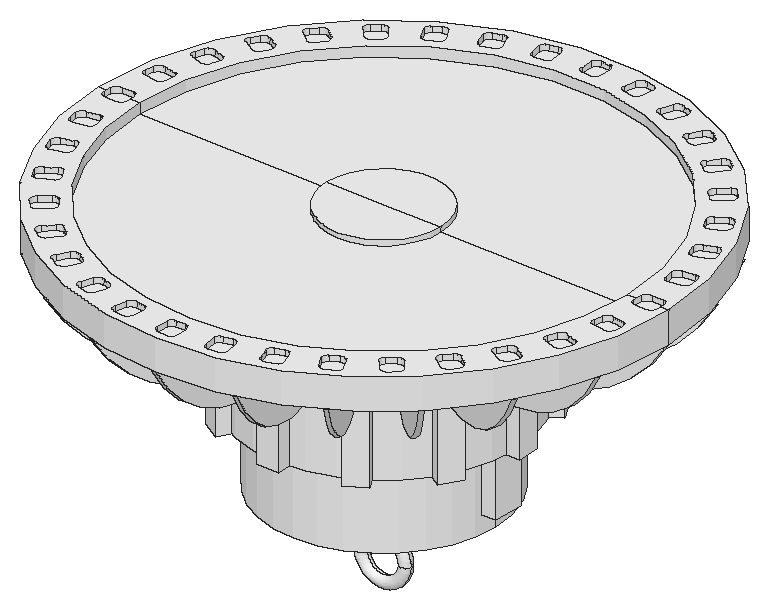
Revit family "CRB", category Lighting Fixtures, host Face, Revit 2014 (continued)
Definition of nested family "LX"
  Forms (in)
    Extrusion 8, solid, material "Paint - Hubbell - White" <- "Housing Material"
      sketch origin (1.93484, -7.26381, 0) x (-0.258819, 0.965926, 0) y (0, 0, 1)
        loop
          arc (5.4141, 7.29) -> (3.9671, 7.41595) -> (2.56362, 7.79) r 8.37521
          line (2.56362, 7.79) -> (1.62124, 7.79)
          arc (1.62124, 7.79) -> (3.272, 6.27813) -> (5.49624, 6.0261) r 3.61991
          line (5.49624, 6.0261) -> (5.49624, 7.29)
      from -0.1 to 0
    Extrusion 9, solid, material "Paint - Hubbell - White" <- "Housing Material"
      sketch origin (3.74893, -6.51553, 0) x (-0.5, 0.866025, 0) y (0, 0, 1)
        loop
          line (5.49624, 7.29) -> (5.4141, 7.29)
          arc (5.4141, 7.29) -> (3.9671, 7.41595) -> (2.56362, 7.79) r 8.37521
          line (2.56362, 7.79) -> (1.62124, 7.79)
          arc (1.62124, 7.79) -> (3.272, 6.27813) -> (5.49624, 6.0261) r 3.61991
          line (5.49624, 6.0261) -> (5.49624, 7.29)
      from -0.1 to 0
    Extrusion 10, solid, material "Paint - Hubbell - White" <- "Housing Material"
      sketch origin (5.30753, -5.32323, 0) x (-0.707107, 0.707107, 0) y (0, 0, 1)
        loop
          line (5.49624, 7.29) -> (5.4141, 7.29)
          arc (5.4141, 7.29) -> (3.9671, 7.41595) -> (2.56362, 7.79) r 8.37521
          line (2.56362, 7.79) -> (1.62124, 7.79)
          arc (1.62124, 7.79) -> (3.272, 6.27813) -> (5.49624, 6.0261) r 3.61991
          line (5.49624, 6.0261) -> (5.49624, 7.29)
      from -0.1 to 0
    Extrusion 11, solid, material "Paint - Hubbell - White" <- "Housing Material"
      sketch origin (6.50443, -3.76815, 0) x (-0.866025, 0.5, 0) y (0, 0, 1)
        loop
          line (5.49624, 7.29) -> (5.4141, 7.29)
          arc (5.4141, 7.29) -> (3.9671, 7.41595) -> (2.56362, 7.79) r 8.37521
          line (2.56362, 7.79) -> (1.62124, 7.79)
          arc (1.62124, 7.79) -> (3.272, 6.27813) -> (5.49624, 6.0261) r 3.61991
          line (5.49624, 6.0261) -> (5.49624, 7.29)
      from -0.1 to 0
    Extrusion 12, solid, material "Paint - Hubbell - White" <- "Housing Material"
      sketch origin (7.25807, -1.95628, 0) x (-0.965926, 0.258819, 0) y (0, 0, 1)
        loop
          line (5.49624, 7.29) -> (5.4141, 7.29)
          arc (5.4141, 7.29) -> (3.9671, 7.41595) -> (2.56362, 7.79) r 8.37521
          line (2.56362, 7.79) -> (1.62124, 7.79)
          arc (1.62124, 7.79) -> (3.272, 6.27813) -> (5.49624, 6.0261) r 3.61991
          line (5.49624, 6.0261) -> (5.49624, 7.29)
      from -0.1 to 0
    Extrusion 13, solid, material "Paint - Hubbell - White" <- "Housing Material"
      sketch origin (7.51708, -0.0111, 0) x (-1, 0, 0) y (0, 0, 1)
        loop
          line (5.49624, 7.29) -> (5.4141, 7.29)
          arc (5.4141, 7.29) -> (3.9671, 7.41595) -> (2.56362, 7.79) r 8.37521
          line (2.56362, 7.79) -> (1.62124, 7.79)
          arc (1.62124, 7.79) -> (3.272, 6.27813) -> (5.49624, 6.0261) r 3.61991
          line (5.49624, 6.0261) -> (5.49624, 7.29)
      from -0.1 to 0
    Extrusion 14, solid, material "Paint - Hubbell - White" <- "Housing Material"
      sketch origin (-1.93484, -7.26381, 0) x (0.258819, 0.965926, 0) y (0, 0, -1)
        loop
          line (5.49624, -7.29) -> (5.49624, -6.0261)
          arc (5.49624, -6.0261) -> (3.272, -6.27813) -> (1.62124, -7.79) r 3.61991
          line (1.62124, -7.79) -> (2.56362, -7.79)
          arc (2.56362, -7.79) -> (3.9671, -7.41595) -> (5.4141, -7.29) r 8.37521
          line (5.4141, -7.29) -> (5.49624, -7.29)
      from -0.1 to 0
    Extrusion 15, solid, material "Paint - Hubbell - White" <- "Housing Material"
      sketch origin (-3.74893, -6.51553, 0) x (0.5, 0.866025, 0) y (0, 0, -1)
        loop
          line (5.49624, -7.29) -> (5.49624, -6.0261)
          arc (5.49624, -6.0261) -> (3.272, -6.27813) -> (1.62124, -7.79) r 3.61991
          line (1.62124, -7.79) -> (2.56362, -7.79)
          arc (2.56362, -7.79) -> (3.9671, -7.41595) -> (5.4141, -7.29) r 8.37521
          line (5.4141, -7.29) -> (5.49624, -7.29)
      from -0.1 to 0
    Extrusion 16, solid, material "Paint - Hubbell - White" <- "Housing Material"
      sketch origin (-5.30753, -5.32323, 0) x (0.707107, 0.707107, 0) y (0, 0, -1)
        loop
          line (5.49624, -7.29) -> (5.49624, -6.0261)
          arc (5.49624, -6.0261) -> (3.272, -6.27813) -> (1.62124, -7.79) r 3.61991
          line (1.62124, -7.79) -> (2.56362, -7.79)
          arc (2.56362, -7.79) -> (3.9671, -7.41595) -> (5.4141, -7.29) r 8.37521
          line (5.4141, -7.29) -> (5.49624, -7.29)
      from -0.1 to 0
    Extrusion 17, solid, material "Paint - Hubbell - White" <- "Housing Material"
      sketch origin (-6.50443, -3.76815, 0) x (0.866025, 0.5, 0) y (0, 0, -1)
        loop
          line (5.49624, -7.29) -> (5.49624, -6.0261)
          arc (5.49624, -6.0261) -> (3.272, -6.27813) -> (1.62124, -7.79) r 3.61991
          line (1.62124, -7.79) -> (2.56362, -7.79)
          arc (2.56362, -7.79) -> (3.9671, -7.41595) -> (5.4141, -7.29) r 8.37521
          line (5.4141, -7.29) -> (5.49624, -7.29)
      from -0.1 to 0
    Extrusion 18, solid, material "Paint - Hubbell - White" <- "Housing Material"
      sketch origin (-7.25807, -1.95628, 0) x (0.965926, 0.258819, 0) y (0, 0, -1)
        loop
          line (5.49624, -7.29) -> (5.49624, -6.0261)
          arc (5.49624, -6.0261) -> (3.272, -6.27813) -> (1.62124, -7.79) r 3.61991
          line (1.62124, -7.79) -> (2.56362, -7.79)
          arc (2.56362, -7.79) -> (3.9671, -7.41595) -> (5.4141, -7.29) r 8.37521
          line (5.4141, -7.29) -> (5.49624, -7.29)
      from -0.1 to 0
    Extrusion 19, solid, material "Paint - Hubbell - White" <- "Housing Material"
      sketch origin (-7.51708, -0.0111, 0) x (1, 0, 0) y (0, 0, -1)
        loop
          line (5.49624, -7.29) -> (5.49624, -6.0261)
          arc (5.49624, -6.0261) -> (3.272, -6.27813) -> (1.62124, -7.79) r 3.61991
          line (1.62124, -7.79) -> (2.56362, -7.79)
          arc (2.56362, -7.79) -> (3.9671, -7.41595) -> (5.4141, -7.29) r 8.37521
          line (5.4141, -7.29) -> (5.49624, -7.29)
      from -0.1 to 0
    Extrusion 20, solid, material "Paint - Hubbell - White" <- "Housing Material"
      sketch origin (-0.0111, 7.51708, 0) x (0, -1, 0) y (0, 0, -1)
        loop
          line (5.49624, -7.29) -> (5.49624, -6.0261)
          arc (5.49624, -6.0261) -> (3.272, -6.27813) -> (1.62124, -7.79) r 3.61991
          line (1.62124, -7.79) -> (2.56362, -7.79)
          arc (2.56362, -7.79) -> (3.9671, -7.41595) -> (5.4141, -7.29) r 8.37521
          line (5.4141, -7.29) -> (5.49624, -7.29)
      from -0.1 to 0
    Extrusion 21, solid, material "Paint - Hubbell - White" <- "Housing Material"
      sketch origin (1.93484, 7.26381, 0) x (-0.258819, -0.965926, 0) y (0, 0, -1)
        loop
          line (5.49624, -7.29) -> (5.49624, -6.0261)
          arc (5.49624, -6.0261) -> (3.272, -6.27813) -> (1.62124, -7.79) r 3.61991
          line (1.62124, -7.79) -> (2.56362, -7.79)
          arc (2.56362, -7.79) -> (3.9671, -7.41595) -> (5.4141, -7.29) r 8.37521
          line (5.4141, -7.29) -> (5.49624, -7.29)
      from -0.1 to 0
    Extrusion 22, solid, material "Paint - Hubbell - White" <- "Housing Material"
      sketch origin (3.74893, 6.51553, 0) x (-0.5, -0.866025, 0) y (0, 0, -1)
        loop
          line (5.49624, -7.29) -> (5.49624, -6.0261)
          arc (5.49624, -6.0261) -> (3.272, -6.27813) -> (1.62124, -7.79) r 3.61991
          line (1.62124, -7.79) -> (2.56362, -7.79)
          arc (2.56362, -7.79) -> (3.9671, -7.41595) -> (5.4141, -7.29) r 8.37521
          line (5.4141, -7.29) -> (5.49624, -7.29)
      from -0.1 to 0
    Extrusion 23, solid, material "Paint - Hubbell - White" <- "Housing Material"
      sketch origin (5.30753, 5.32323, 0) x (-0.707107, -0.707107, 0) y (0, 0, -1)
        loop
          line (5.49624, -7.29) -> (5.49624, -6.0261)
          arc (5.49624, -6.0261) -> (3.272, -6.27813) -> (1.62124, -7.79) r 3.61991
          line (1.62124, -7.79) -> (2.56362, -7.79)
          arc (2.56362, -7.79) -> (3.9671, -7.41595) -> (5.4141, -7.29) r 8.37521
          line (5.4141, -7.29) -> (5.49624, -7.29)
      from -0.1 to 0
    Extrusion 24, solid, material "Paint - Hubbell - White" <- "Housing Material"
      sketch origin (6.50443, 3.76815, 0) x (-0.866025, -0.5, 0) y (0, 0, -1)
        loop
          line (5.49624, -7.29) -> (5.49624, -6.0261)
          arc (5.49624, -6.0261) -> (3.272, -6.27813) -> (1.62124, -7.79) r 3.61991
          line (1.62124, -7.79) -> (2.56362, -7.79)
          arc (2.56362, -7.79) -> (3.9671, -7.41595) -> (5.4141, -7.29) r 8.37521
          line (5.4141, -7.29) -> (5.49624, -7.29)
      from -0.1 to 0
    Extrusion 25, solid, material "Paint - Hubbell - White" <- "Housing Material"
      sketch origin (7.25807, 1.95628, 0) x (-0.965926, -0.258819, 0) y (0, 0, -1)
        loop
          line (5.49624, -7.29) -> (5.49624, -6.0261)
          arc (5.49624, -6.0261) -> (3.272, -6.27813) -> (1.62124, -7.79) r 3.61991
          line (1.62124, -7.79) -> (2.56362, -7.79)
          arc (2.56362, -7.79) -> (3.9671, -7.41595) -> (5.4141, -7.29) r 8.37521
          line (5.4141, -7.29) -> (5.49624, -7.29)
      from -0.1 to 0
    Extrusion 26, solid, material "Paint - Hubbell - White" <- "Housing Material"
      sketch origin (-1.93484, 7.26381, 0) x (0.258819, -0.965926, 0) y (0, 0, 1)
        loop
          line (5.49624, 7.29) -> (5.4141, 7.29)
          arc (5.4141, 7.29) -> (3.9671, 7.41595) -> (2.56362, 7.79) r 8.37521
          line (2.56362, 7.79) -> (1.62124, 7.79)
          arc (1.62124, 7.79) -> (3.272, 6.27813) -> (5.49624, 6.0261) r 3.61991
          line (5.49624, 6.0261) -> (5.49624, 7.29)
      from -0.1 to 0
    Extrusion 27, solid, material "Paint - Hubbell - White" <- "Housing Material"
      sketch origin (-3.74893, 6.51553, 0) x (0.5, -0.866025, 0) y (0, 0, 1)
        loop
          line (5.49624, 7.29) -> (5.4141, 7.29)
          arc (5.4141, 7.29) -> (3.9671, 7.41595) -> (2.56362, 7.79) r 8.37521
          line (2.56362, 7.79) -> (1.62124, 7.79)
          arc (1.62124, 7.79) -> (3.272, 6.27813) -> (5.49624, 6.0261) r 3.61991
          line (5.49624, 6.0261) -> (5.49624, 7.29)
      from -0.1 to 0
    Extrusion 28, solid, material "Paint - Hubbell - White" <- "Housing Material"
      sketch origin (-5.30753, 5.32323, 0) x (0.707107, -0.707107, 0) y (0, 0, 1)
        loop
          line (5.49624, 7.29) -> (5.4141, 7.29)
          arc (5.4141, 7.29) -> (3.9671, 7.41595) -> (2.56362, 7.79) r 8.37521
          line (2.56362, 7.79) -> (1.62124, 7.79)
          arc (1.62124, 7.79) -> (3.272, 6.27813) -> (5.49624, 6.0261) r 3.61991
          line (5.49624, 6.0261) -> (5.49624, 7.29)
      from -0.1 to 0
    Extrusion 29, solid, material "Paint - Hubbell - White" <- "Housing Material"
      sketch origin (-6.50443, 3.76815, 0) x (0.866025, -0.5, 0) y (0, 0, 1)
        loop
          line (5.49624, 7.29) -> (5.4141, 7.29)
          arc (5.4141, 7.29) -> (3.9671, 7.41595) -> (2.56362, 7.79) r 8.37521
          line (2.56362, 7.79) -> (1.62124, 7.79)
          arc (1.62124, 7.79) -> (3.272, 6.27813) -> (5.49624, 6.0261) r 3.61991
          line (5.49624, 6.0261) -> (5.49624, 7.29)
      from -0.1 to 0
    Extrusion 30, solid, material "Paint - Hubbell - White" <- "Housing Material"
      sketch origin (-7.25807, 1.95628, 0) x (0.965926, -0.258819, 0) y (0, 0, 1)
        loop
          line (5.49624, 7.29) -> (5.4141, 7.29)
          arc (5.4141, 7.29) -> (3.9671, 7.41595) -> (2.56362, 7.79) r 8.37521
          line (2.56362, 7.79) -> (1.62124, 7.79)
          arc (1.62124, 7.79) -> (3.272, 6.27813) -> (5.49624, 6.0261) r 3.61991
          line (5.49624, 6.0261) -> (5.49624, 7.29)
      from -0.1 to 0
    Extrusion 31, solid, material "Paint - Hubbell - White" <- "Housing Material"
      sketch origin (-0.0111, 8.59976, 0) x (1, 0, 0) y (0, 1, 0)
        loop
          arc (-0.37032, -6.38596) -> (-0.01952, -6.35557) -> (0.33175, -6.37991) r 2.26575
          line (0.33175, -6.37991) -> (0.33175, -5.98256)
          arc (0.33175, -5.98256) -> (-0.01946, -5.96186) -> (-0.37032, -5.9877) r 2.65945
          line (-0.37032, -5.9877) -> (-0.37032, -6.38596)
      from 4.45782 to 7.79
    Extrusion 32, solid, material "Paint - Hubbell - White" <- "Housing Material"
      sketch origin (4.2862, -7.43796, 0) x (0.866025, 0.5, 0) y (-0.5, 0.866025, 0)
        loop
          line (-0.37032, 6.38596) -> (-0.37032, 5.9877)
          arc (-0.37032, 5.9877) -> (-0.01946, 5.96186) -> (0.33175, 5.98256) r 2.65945
          line (0.33175, 5.98256) -> (0.33175, 6.37991)
          arc (0.33175, 6.37991) -> (-0.01952, 6.35557) -> (-0.37032, 6.38596) r 2.26575
      from 4.45782 to 7.79
    Extrusion 33, solid, material "Paint - Hubbell - White" <- "Housing Material"
      sketch origin (-4.31356, 7.45725, 0) x (0.866025, 0.5, 0) y (-0.5, 0.866025, 0)
        loop
          arc (-0.37032, -6.38596) -> (-0.01952, -6.35557) -> (0.33175, -6.37991) r 2.26575
          line (0.33175, -6.37991) -> (0.33175, -5.98256)
          arc (0.33175, -5.98256) -> (-0.01946, -5.96186) -> (-0.37032, -5.9877) r 2.65945
          line (-0.37032, -5.9877) -> (-0.37032, -6.38596)
      from 4.45782 to 7.79
    Extrusion 34, solid, material "Paint - Hubbell - White" <- "Housing Material"
      sketch origin (7.42815, -4.28352, 0) x (0.5, 0.866025, 0) y (-0.866025, 0.5, 0)
        loop
          line (-0.37032, 6.38596) -> (-0.37032, 5.9877)
          arc (-0.37032, 5.9877) -> (-0.01946, 5.96186) -> (0.33175, 5.98256) r 2.65945
          line (0.33175, 5.98256) -> (0.33175, 6.37991)
          arc (0.33175, 6.37991) -> (-0.01952, 6.35557) -> (-0.37032, 6.38596) r 2.26575
      from 4.45782 to 7.79
    Extrusion 35, solid, material "Paint - Hubbell - White" <- "Housing Material"
      sketch origin (-7.46707, 4.31624, 0) x (0.5, 0.866025, 0) y (-0.866025, 0.5, 0)
        loop
          arc (-0.37032, -6.38596) -> (-0.01952, -6.35557) -> (0.33175, -6.37991) r 2.26575
          line (0.33175, -6.37991) -> (0.33175, -5.98256)
          arc (0.33175, -5.98256) -> (-0.01946, -5.96186) -> (-0.37032, -5.9877) r 2.65945
          line (-0.37032, -5.9877) -> (-0.37032, -6.38596)
      from 4.45782 to 7.79
    Extrusion 36, solid, material "Paint - Hubbell - White" <- "Housing Material"
      sketch origin (8.5716, 0.018, 0) x (0, 1, 0) y (-1, 0, 0)
        loop
          line (-0.37032, 6.38596) -> (-0.37032, 5.9877)
          arc (-0.37032, 5.9877) -> (-0.01946, 5.96186) -> (0.33175, 5.98256) r 2.65945
          line (0.33175, 5.98256) -> (0.33175, 6.37991)
          arc (0.33175, 6.37991) -> (-0.01952, 6.35557) -> (-0.37032, 6.38596) r 2.26575
      from 4.45782 to 7.79
    Extrusion 37, solid, material "Paint - Hubbell - White" <- "Housing Material"
      sketch origin (-8.62792, 0.018, 0) x (0, 1, 0) y (-1, 0, 0)
        loop
          arc (-0.37032, -6.38596) -> (-0.01952, -6.35557) -> (0.33175, -6.37991) r 2.26575
          line (0.33175, -6.37991) -> (0.33175, -5.98256)
          arc (0.33175, -5.98256) -> (-0.01946, -5.96186) -> (-0.37032, -5.9877) r 2.65945
          line (-0.37032, -5.9877) -> (-0.37032, -6.38596)
      from 4.45782 to 7.79
    Extrusion 38, solid, material "Paint - Hubbell - White" <- "Housing Material"
      sketch origin (7.40981, 4.3153, 0) x (-0.5, 0.866025, 0) y (-0.866025, -0.5, 0)
        loop
          line (-0.37032, 6.38596) -> (-0.37032, 5.9877)
          arc (-0.37032, 5.9877) -> (-0.01946, 5.96186) -> (0.33175, 5.98256) r 2.65945
          line (0.33175, 5.98256) -> (0.33175, 6.37991)
          arc (0.33175, 6.37991) -> (-0.01952, 6.35557) -> (-0.37032, 6.38596) r 2.26575
      from 4.45782 to 7.79
    Extrusion 39, solid, material "Paint - Hubbell - White" <- "Housing Material"
      sketch origin (-7.48541, -4.28446, 0) x (-0.5, 0.866025, 0) y (-0.866025, -0.5, 0)
        loop
          arc (-0.37032, -6.38596) -> (-0.01952, -6.35557) -> (0.33175, -6.37991) r 2.26575
          line (0.33175, -6.37991) -> (0.33175, -5.98256)
          arc (0.33175, -5.98256) -> (-0.01946, -5.96186) -> (-0.37032, -5.9877) r 2.65945
          line (-0.37032, -5.9877) -> (-0.37032, -6.38596)
      from 4.45782 to 7.79
    Extrusion 40, solid, material "Paint - Hubbell - White" <- "Housing Material"
      sketch origin (4.25536, 7.45725, 0) x (-0.866025, 0.5, 0) y (-0.5, -0.866025, 0)
        loop
          line (-0.37032, 6.38596) -> (-0.37032, 5.9877)
          arc (-0.37032, 5.9877) -> (-0.01946, 5.96186) -> (0.33175, 5.98256) r 2.65945
          line (0.33175, 5.98256) -> (0.33175, 6.37991)
          arc (0.33175, 6.37991) -> (-0.01952, 6.35557) -> (-0.37032, 6.38596) r 2.26575
      from 4.45782 to 7.79
    Extrusion 41, solid, material "Paint - Hubbell - White" <- "Housing Material"
      sketch origin (-4.3444, -7.43796, 0) x (-0.866025, 0.5, 0) y (-0.5, -0.866025, 0)
        loop
          arc (-0.37032, -6.38596) -> (-0.01952, -6.35557) -> (0.33175, -6.37991) r 2.26575
          line (0.33175, -6.37991) -> (0.33175, -5.98256)
          arc (0.33175, -5.98256) -> (-0.01946, -5.96186) -> (-0.37032, -5.9877) r 2.65945
          line (-0.37032, -5.9877) -> (-0.37032, -6.38596)
      from 4.45782 to 7.79
    Extrusion 42, void
      sketch origin (-0.0111, 7.46787, 0) x (1, 0, 0) y (0, 1, 0)
        loop
          line (-0.12065, -2.39636) -> (0.09701, -2.39636)
          arc (0.09701, -2.39636) -> (0.20339, -2.3523) -> (0.24746, -2.24592) r 0.15044
          line (0.24746, -2.24592) -> (0.24746, -1.95565)
          arc (0.24746, -1.95565) -> (0.20677, -1.85741) -> (0.10853, -1.81672) r 0.13893
          line (0.10853, -1.81672) -> (-0.09392, -1.81672)
          arc (-0.09392, -1.81672) -> (-0.20608, -1.86318) -> (-0.25254, -1.97534) r 0.15862
          line (-0.25254, -1.97534) -> (-0.25254, -2.26447)
          arc (-0.25254, -2.26447) -> (-0.21391, -2.35773) -> (-0.12065, -2.39636) r 0.13189
      from 8.41275 to 8.54
    Extrusion 43, void
      sketch origin (1.92164, -7.21275, 0) x (0.965926, 0.258819, 0) y (-0.258819, 0.965926, 0)
        loop
          arc (-0.12065, 2.39636) -> (-0.21391, 2.35773) -> (-0.25254, 2.26447) r 0.13189
          line (-0.25254, 2.26447) -> (-0.25254, 1.97534)
          arc (-0.25254, 1.97534) -> (-0.20608, 1.86318) -> (-0.09392, 1.81672) r 0.15862
          line (-0.09392, 1.81672) -> (0.10853, 1.81672)
          arc (0.10853, 1.81672) -> (0.20677, 1.85741) -> (0.24746, 1.95565) r 0.13893
          line (0.24746, 1.95565) -> (0.24746, 2.24592)
          arc (0.24746, 2.24592) -> (0.20339, 2.3523) -> (0.09701, 2.39636) r 0.15044
          line (0.09701, 2.39636) -> (-0.12065, 2.39636)
      from 8.41275 to 8.54
    Extrusion 44, void
      sketch origin (-1.94401, 7.21406, 0) x (0.965926, 0.258819, 0) y (-0.258819, 0.965926, 0)
        loop
          line (-0.12065, -2.39636) -> (0.09701, -2.39636)
          arc (0.09701, -2.39636) -> (0.20339, -2.3523) -> (0.24746, -2.24592) r 0.15044
          line (0.24746, -2.24592) -> (0.24746, -1.95565)
          arc (0.24746, -1.95565) -> (0.20677, -1.85741) -> (0.10853, -1.81672) r 0.13893
          line (0.10853, -1.81672) -> (-0.09392, -1.81672)
          arc (-0.09392, -1.81672) -> (-0.20608, -1.86318) -> (-0.25254, -1.97534) r 0.15862
          line (-0.25254, -1.97534) -> (-0.25254, -2.26447)
          arc (-0.25254, -2.26447) -> (-0.21391, -2.35773) -> (-0.12065, -2.39636) r 0.13189
      from 8.41275 to 8.54
    Extrusion 45, void
      sketch origin (3.72314, -6.46659, 0) x (0.866025, 0.5, 0) y (-0.5, 0.866025, 0)
        loop
          arc (-0.12065, 2.39636) -> (-0.21391, 2.35773) -> (-0.25254, 2.26447) r 0.13189
          line (-0.25254, 2.26447) -> (-0.25254, 1.97534)
          arc (-0.25254, 1.97534) -> (-0.20608, 1.86318) -> (-0.09392, 1.81672) r 0.15862
          line (-0.09392, 1.81672) -> (0.10853, 1.81672)
          arc (0.10853, 1.81672) -> (0.20677, 1.85741) -> (0.24746, 1.95565) r 0.13893
          line (0.24746, 1.95565) -> (0.24746, 2.24592)
          arc (0.24746, 2.24592) -> (0.20339, 2.3523) -> (0.09701, 2.39636) r 0.15044
          line (0.09701, 2.39636) -> (-0.12065, 2.39636)
      from 8.41275 to 8.54
    Extrusion 46, void
      sketch origin (-3.74472, 6.46814, 0) x (0.866025, 0.5, 0) y (-0.5, 0.866025, 0)
        loop
          line (-0.12065, -2.39636) -> (0.09701, -2.39636)
          arc (0.09701, -2.39636) -> (0.20339, -2.3523) -> (0.24746, -2.24592) r 0.15044
          line (0.24746, -2.24592) -> (0.24746, -1.95565)
          arc (0.24746, -1.95565) -> (0.20677, -1.85741) -> (0.10853, -1.81672) r 0.13893
          line (0.10853, -1.81672) -> (-0.09392, -1.81672)
          arc (-0.09392, -1.81672) -> (-0.20608, -1.86318) -> (-0.25254, -1.97534) r 0.15862
          line (-0.25254, -1.97534) -> (-0.25254, -2.26447)
          arc (-0.25254, -2.26447) -> (-0.21391, -2.35773) -> (-0.12065, -2.39636) r 0.13189
      from 8.41275 to 8.54
    Extrusion 47, void
      sketch origin (5.27044, -5.28009, 0) x (0.707107, 0.707107, 0) y (-0.707107, 0.707107, 0)
        loop
          arc (-0.12065, 2.39636) -> (-0.21391, 2.35773) -> (-0.25254, 2.26447) r 0.13189
          line (-0.25254, 2.26447) -> (-0.25254, 1.97534)
          arc (-0.25254, 1.97534) -> (-0.20608, 1.86318) -> (-0.09392, 1.81672) r 0.15862
          line (-0.09392, 1.81672) -> (0.10853, 1.81672)
          arc (0.10853, 1.81672) -> (0.20677, 1.85741) -> (0.24746, 1.95565) r 0.13893
          line (0.24746, 1.95565) -> (0.24746, 2.24592)
          arc (0.24746, 2.24592) -> (0.20339, 2.3523) -> (0.09701, 2.39636) r 0.15044
          line (0.09701, 2.39636) -> (-0.12065, 2.39636)
      from 8.41275 to 8.54
    Extrusion 48, void
      sketch origin (-5.29072, 5.28107, 0) x (0.707107, 0.707107, 0) y (-0.707107, 0.707107, 0)
        loop
          line (-0.12065, -2.39636) -> (0.09701, -2.39636)
          arc (0.09701, -2.39636) -> (0.20339, -2.3523) -> (0.24746, -2.24592) r 0.15044
          line (0.24746, -2.24592) -> (0.24746, -1.95565)
          arc (0.24746, -1.95565) -> (0.20677, -1.85741) -> (0.10853, -1.81672) r 0.13893
          line (0.10853, -1.81672) -> (-0.09392, -1.81672)
          arc (-0.09392, -1.81672) -> (-0.20608, -1.86318) -> (-0.25254, -1.97534) r 0.15862
          line (-0.25254, -1.97534) -> (-0.25254, -2.26447)
          arc (-0.25254, -2.26447) -> (-0.21391, -2.35773) -> (-0.12065, -2.39636) r 0.13189
      from 8.41275 to 8.54
    Extrusion 49, void
      sketch origin (6.45789, -3.73396, 0) x (0.5, 0.866025, 0) y (-0.866025, 0.5, 0)
        loop
          arc (-0.12065, 2.39636) -> (-0.21391, 2.35773) -> (-0.25254, 2.26447) r 0.13189
          line (-0.25254, 2.26447) -> (-0.25254, 1.97534)
          arc (-0.25254, 1.97534) -> (-0.20608, 1.86318) -> (-0.09392, 1.81672) r 0.15862
          line (-0.09392, 1.81672) -> (0.10853, 1.81672)
          arc (0.10853, 1.81672) -> (0.20677, 1.85741) -> (0.24746, 1.95565) r 0.13893
          line (0.24746, 1.95565) -> (0.24746, 2.24592)
          arc (0.24746, 2.24592) -> (0.20339, 2.3523) -> (0.09701, 2.39636) r 0.15044
          line (0.09701, 2.39636) -> (-0.12065, 2.39636)
      from 8.41275 to 8.54
    Extrusion 50, void
      sketch origin (-6.47683, 3.73391, 0) x (0.5, 0.866025, 0) y (-0.866025, 0.5, 0)
        loop
          line (-0.12065, -2.39636) -> (0.09701, -2.39636)
          arc (0.09701, -2.39636) -> (0.20339, -2.3523) -> (0.24746, -2.24592) r 0.15044
          line (0.24746, -2.24592) -> (0.24746, -1.95565)
          arc (0.24746, -1.95565) -> (0.20677, -1.85741) -> (0.10853, -1.81672) r 0.13893
          line (0.10853, -1.81672) -> (-0.09392, -1.81672)
          arc (-0.09392, -1.81672) -> (-0.20608, -1.86318) -> (-0.25254, -1.97534) r 0.15862
          line (-0.25254, -1.97534) -> (-0.25254, -2.26447)
          arc (-0.25254, -2.26447) -> (-0.21391, -2.35773) -> (-0.12065, -2.39636) r 0.13189
      from 8.41275 to 8.54
    Extrusion 51, void
      sketch origin (7.20438, -1.9334, 0) x (0.258819, 0.965926, 0) y (-0.965926, 0.258819, 0)
        loop
          arc (-0.12065, 2.39636) -> (-0.21391, 2.35773) -> (-0.25254, 2.26447) r 0.13189
          line (-0.25254, 2.26447) -> (-0.25254, 1.97534)
          arc (-0.25254, 1.97534) -> (-0.20608, 1.86318) -> (-0.09392, 1.81672) r 0.15862
          line (-0.09392, 1.81672) -> (0.10853, 1.81672)
          arc (0.10853, 1.81672) -> (0.20677, 1.85741) -> (0.24746, 1.95565) r 0.13893
          line (0.24746, 1.95565) -> (0.24746, 2.24592)
          arc (0.24746, 2.24592) -> (0.20339, 2.3523) -> (0.09701, 2.39636) r 0.15044
          line (0.09701, 2.39636) -> (-0.12065, 2.39636)
      from 8.41275 to 8.54
    Extrusion 52, void
      sketch origin (-7.22243, 1.93225, 0) x (0.258819, 0.965926, 0) y (-0.965926, 0.258819, 0)
        loop
          line (-0.12065, -2.39636) -> (0.09701, -2.39636)
          arc (0.09701, -2.39636) -> (0.20339, -2.3523) -> (0.24746, -2.24592) r 0.15044
          line (0.24746, -2.24592) -> (0.24746, -1.95565)
          arc (0.24746, -1.95565) -> (0.20677, -1.85741) -> (0.10853, -1.81672) r 0.13893
          line (0.10853, -1.81672) -> (-0.09392, -1.81672)
          arc (-0.09392, -1.81672) -> (-0.20608, -1.86318) -> (-0.25254, -1.97534) r 0.15862
          line (-0.25254, -1.97534) -> (-0.25254, -2.26447)
          arc (-0.25254, -2.26447) -> (-0.21391, -2.35773) -> (-0.12065, -2.39636) r 0.13189
      from 8.41275 to 8.54
    Extrusion 53, void
      sketch origin (7.45883, -0.00099, 0) x (0, 1, 0) y (-1, 0, 0)
        loop
          arc (-0.12065, 2.39636) -> (-0.21391, 2.35773) -> (-0.25254, 2.26447) r 0.13189
          line (-0.25254, 2.26447) -> (-0.25254, 1.97534)
          arc (-0.25254, 1.97534) -> (-0.20608, 1.86318) -> (-0.09392, 1.81672) r 0.15862
          line (-0.09392, 1.81672) -> (0.10853, 1.81672)
          arc (0.10853, 1.81672) -> (0.20677, 1.85741) -> (0.24746, 1.95565) r 0.13893
          line (0.24746, 1.95565) -> (0.24746, 2.24592)
          arc (0.24746, 2.24592) -> (0.20339, 2.3523) -> (0.09701, 2.39636) r 0.15044
          line (0.09701, 2.39636) -> (-0.12065, 2.39636)
      from 8.41275 to 8.54
    Extrusion 54, void
      sketch origin (-7.47691, -0.00099, 0) x (0, 1, 0) y (-1, 0, 0)
        loop
          line (-0.12065, -2.39636) -> (0.09701, -2.39636)
          arc (0.09701, -2.39636) -> (0.20339, -2.3523) -> (0.24746, -2.24592) r 0.15044
          line (0.24746, -2.24592) -> (0.24746, -1.95565)
          arc (0.24746, -1.95565) -> (0.20677, -1.85741) -> (0.10853, -1.81672) r 0.13893
          line (0.10853, -1.81672) -> (-0.09392, -1.81672)
          arc (-0.09392, -1.81672) -> (-0.20608, -1.86318) -> (-0.25254, -1.97534) r 0.15862
          line (-0.25254, -1.97534) -> (-0.25254, -2.26447)
          arc (-0.25254, -2.26447) -> (-0.21391, -2.35773) -> (-0.12065, -2.39636) r 0.13189
      from 8.41275 to 8.54
    Extrusion 55, void
      sketch origin (7.20371, 1.93175, 0) x (-0.258819, 0.965926, 0) y (-0.965926, -0.258819, 0)
        loop
          arc (-0.12065, 2.39636) -> (-0.21391, 2.35773) -> (-0.25254, 2.26447) r 0.13189
          line (-0.25254, 2.26447) -> (-0.25254, 1.97534)
          arc (-0.25254, 1.97534) -> (-0.20608, 1.86318) -> (-0.09392, 1.81672) r 0.15862
          line (-0.09392, 1.81672) -> (0.10853, 1.81672)
          arc (0.10853, 1.81672) -> (0.20677, 1.85741) -> (0.24746, 1.95565) r 0.13893
          line (0.24746, 1.95565) -> (0.24746, 2.24592)
          arc (0.24746, 2.24592) -> (0.20339, 2.3523) -> (0.09701, 2.39636) r 0.15044
          line (0.09701, 2.39636) -> (-0.12065, 2.39636)
      from 8.41275 to 8.54
    Extrusion 56, void
      sketch origin (-7.2231, -1.9339, 0) x (-0.258819, 0.965926, 0) y (-0.965926, -0.258819, 0)
        loop
          line (-0.12065, -2.39636) -> (0.09701, -2.39636)
          arc (0.09701, -2.39636) -> (0.20339, -2.3523) -> (0.24746, -2.24592) r 0.15044
          line (0.24746, -2.24592) -> (0.24746, -1.95565)
          arc (0.24746, -1.95565) -> (0.20677, -1.85741) -> (0.10853, -1.81672) r 0.13893
          line (0.10853, -1.81672) -> (-0.09392, -1.81672)
          arc (-0.09392, -1.81672) -> (-0.20608, -1.86318) -> (-0.25254, -1.97534) r 0.15862
          line (-0.25254, -1.97534) -> (-0.25254, -2.26447)
          arc (-0.25254, -2.26447) -> (-0.21391, -2.35773) -> (-0.12065, -2.39636) r 0.13189
      from 8.41275 to 8.54
    Extrusion 57, void
      sketch origin (6.45755, 3.73325, 0) x (-0.5, 0.866025, 0) y (-0.866025, -0.5, 0)
        loop
          arc (-0.12065, 2.39636) -> (-0.21391, 2.35773) -> (-0.25254, 2.26447) r 0.13189
          line (-0.25254, 2.26447) -> (-0.25254, 1.97534)
          arc (-0.25254, 1.97534) -> (-0.20608, 1.86318) -> (-0.09392, 1.81672) r 0.15862
          line (-0.09392, 1.81672) -> (0.10853, 1.81672)
          arc (0.10853, 1.81672) -> (0.20677, 1.85741) -> (0.24746, 1.95565) r 0.13893
          line (0.24746, 1.95565) -> (0.24746, 2.24592)
          arc (0.24746, 2.24592) -> (0.20339, 2.3523) -> (0.09701, 2.39636) r 0.15044
          line (0.09701, 2.39636) -> (-0.12065, 2.39636)
      from 8.41275 to 8.54
    Extrusion 58, void
      sketch origin (-6.47717, -3.73462, 0) x (-0.5, 0.866025, 0) y (-0.866025, -0.5, 0)
        loop
          line (-0.12065, -2.39636) -> (0.09701, -2.39636)
          arc (0.09701, -2.39636) -> (0.20339, -2.3523) -> (0.24746, -2.24592) r 0.15044
          line (0.24746, -2.24592) -> (0.24746, -1.95565)
          arc (0.24746, -1.95565) -> (0.20677, -1.85741) -> (0.10853, -1.81672) r 0.13893
          line (0.10853, -1.81672) -> (-0.09392, -1.81672)
          arc (-0.09392, -1.81672) -> (-0.20608, -1.86318) -> (-0.25254, -1.97534) r 0.15862
          line (-0.25254, -1.97534) -> (-0.25254, -2.26447)
          arc (-0.25254, -2.26447) -> (-0.21391, -2.35773) -> (-0.12065, -2.39636) r 0.13189
      from 8.41275 to 8.54
    Extrusion 59, void
      sketch origin (5.27105, 5.28055, 0) x (-0.707107, 0.707107, 0) y (-0.707107, -0.707107, 0)
        loop
          arc (-0.12065, 2.39636) -> (-0.21391, 2.35773) -> (-0.25254, 2.26447) r 0.13189
          line (-0.25254, 2.26447) -> (-0.25254, 1.97534)
          arc (-0.25254, 1.97534) -> (-0.20608, 1.86318) -> (-0.09392, 1.81672) r 0.15862
          line (-0.09392, 1.81672) -> (0.10853, 1.81672)
          arc (0.10853, 1.81672) -> (0.20677, 1.85741) -> (0.24746, 1.95565) r 0.13893
          line (0.24746, 1.95565) -> (0.24746, 2.24592)
          arc (0.24746, 2.24592) -> (0.20339, 2.3523) -> (0.09701, 2.39636) r 0.15044
          line (0.09701, 2.39636) -> (-0.12065, 2.39636)
      from 8.41275 to 8.54
    Extrusion 60, void
      sketch origin (-5.29011, -5.28061, 0) x (-0.707107, 0.707107, 0) y (-0.707107, -0.707107, 0)
        loop
          line (-0.12065, -2.39636) -> (0.09701, -2.39636)
          arc (0.09701, -2.39636) -> (0.20339, -2.3523) -> (0.24746, -2.24592) r 0.15044
          line (0.24746, -2.24592) -> (0.24746, -1.95565)
          arc (0.24746, -1.95565) -> (0.20677, -1.85741) -> (0.10853, -1.81672) r 0.13893
          line (0.10853, -1.81672) -> (-0.09392, -1.81672)
          arc (-0.09392, -1.81672) -> (-0.20608, -1.86318) -> (-0.25254, -1.97534) r 0.15862
          line (-0.25254, -1.97534) -> (-0.25254, -2.26447)
          arc (-0.25254, -2.26447) -> (-0.21391, -2.35773) -> (-0.12065, -2.39636) r 0.13189
      from 8.41275 to 8.54
    Extrusion 61, void
      sketch origin (3.72492, 6.468, 0) x (-0.866025, 0.5, 0) y (-0.5, -0.866025, 0)
        loop
          arc (-0.12065, 2.39636) -> (-0.21391, 2.35773) -> (-0.25254, 2.26447) r 0.13189
          line (-0.25254, 2.26447) -> (-0.25254, 1.97534)
          arc (-0.25254, 1.97534) -> (-0.20608, 1.86318) -> (-0.09392, 1.81672) r 0.15862
          line (-0.09392, 1.81672) -> (0.10853, 1.81672)
          arc (0.10853, 1.81672) -> (0.20677, 1.85741) -> (0.24746, 1.95565) r 0.13893
          line (0.24746, 1.95565) -> (0.24746, 2.24592)
          arc (0.24746, 2.24592) -> (0.20339, 2.3523) -> (0.09701, 2.39636) r 0.15044
          line (0.09701, 2.39636) -> (-0.12065, 2.39636)
      from 8.41275 to 8.54
    Extrusion 62, void
      sketch origin (-3.74295, -6.46672, 0) x (-0.866025, 0.5, 0) y (-0.5, -0.866025, 0)
        loop
          line (-0.12065, -2.39636) -> (0.09701, -2.39636)
          arc (0.09701, -2.39636) -> (0.20339, -2.3523) -> (0.24746, -2.24592) r 0.15044
          line (0.24746, -2.24592) -> (0.24746, -1.95565)
          arc (0.24746, -1.95565) -> (0.20677, -1.85741) -> (0.10853, -1.81672) r 0.13893
          line (0.10853, -1.81672) -> (-0.09392, -1.81672)
          arc (-0.09392, -1.81672) -> (-0.20608, -1.86318) -> (-0.25254, -1.97534) r 0.15862
          line (-0.25254, -1.97534) -> (-0.25254, -2.26447)
          arc (-0.25254, -2.26447) -> (-0.21391, -2.35773) -> (-0.12065, -2.39636) r 0.13189
      from 8.41275 to 8.54
    Extrusion 63, void
      sketch origin (1.92437, 7.21449, 0) x (-0.965926, 0.258819, 0) y (-0.258819, -0.965926, 0)
        loop
          arc (-0.12065, 2.39636) -> (-0.21391, 2.35773) -> (-0.25254, 2.26447) r 0.13189
          line (-0.25254, 2.26447) -> (-0.25254, 1.97534)
          arc (-0.25254, 1.97534) -> (-0.20608, 1.86318) -> (-0.09392, 1.81672) r 0.15862
          line (-0.09392, 1.81672) -> (0.10853, 1.81672)
          arc (0.10853, 1.81672) -> (0.20677, 1.85741) -> (0.24746, 1.95565) r 0.13893
          line (0.24746, 1.95565) -> (0.24746, 2.24592)
          arc (0.24746, 2.24592) -> (0.20339, 2.3523) -> (0.09701, 2.39636) r 0.15044
          line (0.09701, 2.39636) -> (-0.12065, 2.39636)
      from 8.41275 to 8.54
    Extrusion 64, void
      sketch origin (-1.94129, -7.21233, 0) x (-0.965926, 0.258819, 0) y (-0.258819, -0.965926, 0)
        loop
          line (-0.12065, -2.39636) -> (0.09701, -2.39636)
          arc (0.09701, -2.39636) -> (0.20339, -2.3523) -> (0.24746, -2.24592) r 0.15044
          line (0.24746, -2.24592) -> (0.24746, -1.95565)
          arc (0.24746, -1.95565) -> (0.20677, -1.85741) -> (0.10853, -1.81672) r 0.13893
          line (0.10853, -1.81672) -> (-0.09392, -1.81672)
          arc (-0.09392, -1.81672) -> (-0.20608, -1.86318) -> (-0.25254, -1.97534) r 0.15862
          line (-0.25254, -1.97534) -> (-0.25254, -2.26447)
          arc (-0.25254, -2.26447) -> (-0.21391, -2.35773) -> (-0.12065, -2.39636) r 0.13189
      from 8.41275 to 8.54
  Cuts and joins
    Extrusion 5, Extrusion 42, Extrusion 43, Extrusion 44, Extrusion 45, Extrusion 46, Extrusion 47, Extrusion 48, Extrusion 49, Extrusion 50, Extrusion 51, Extrusion 52, Extrusion 53, Extrusion 54, Extrusion 55, Extrusion 56, Extrusion 57, Extrusion 58, Extrusion 59, Extrusion 60, Extrusion 61, Extrusion 62, Extrusion 63, Extrusion 64 cuts Revolve 2
  Dimensions and locks (in)
    aligned and locked: level to plane 2
Types (4): name | MX | MV | LX
  (no name) | yes | no | no
  CRB-40LX | no | no | yes
  CRB-40MV | no | yes | no
  CRB-40MX | yes | no | no
